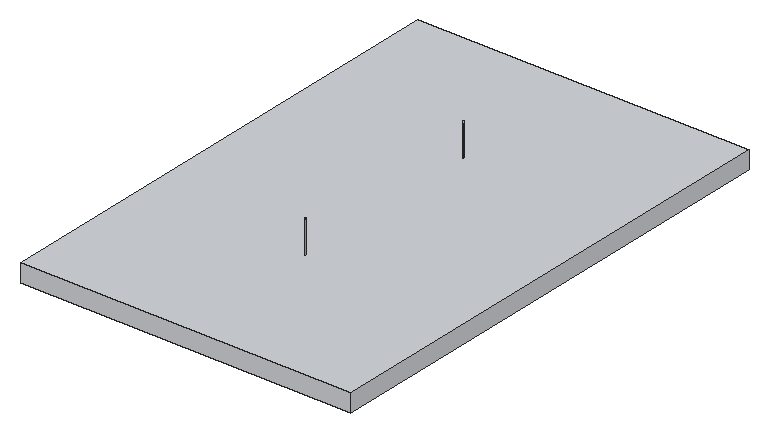
Revit family "V-LENSESxx150xxWSxx", category Leuchten, Revit 2020
Family settings
  Basisbauteil = Fläche
  Bemaßung runder Anschluss = Durchmesser verwenden
  Teiletyp = Normal
  OmniClass-Nummer = 23.80.70.11
  OmniClass-Titel = Luminaries for Internal Lighting
  Beim Laden mit Abzugskörper schneiden = Nein
  Lichtquelle = Ja
  Gemeinsam genutzt = Nein
  Raumberechnungspunkt = Nein
Parameters (values of type "V-LENSES-D150-5RFWS840B0550")
  width = 113 mm  # constant formula
  weight = "3,3"
  voltage type (AC, DC, UC) = "AC"
  suspension hight [instance] = 200 mm
  rated input power = 32
  product name = "V-LENSES-D150-5RFSW840B0550\r\nV-LENSES-D150-5RFWS840B0550"
  nominal voltage = "230"
  nominal frequency = "50-60Hz"
  length = 1500 mm  # constant formula
  ingress protection (IP) code = "IP20"
  height = 83 mm  # constant formula
  electrical safety class = "1"
  control gear = ""
  conformity mark = "CE"  # constant formula
  brand = "RIDI"
  approval mark = ""
  built-in parameter 1150104 = 13.8 (stored number, unit not read)
  Wattage = 36.3534 W
  Von Breite des Rechtecks ausssenden = 1272 mm  # constant formula
  Von Länge des Rechtecks aussenden = 111 mm  # constant formula
  Default Elevation = 0 mm
  built-in parameter 1150113 = 1 (stored number, unit not read)
  built-in parameter 1114218 = 1 (stored number, unit not read)
  URL = "www.ridi.de"
  built-in parameter 1150134 = 12
  built-in parameter 1150109 = 1 (stored number, unit not read)
  built-in parameter 1150110 = 1 (stored number, unit not read)
  Apparent Load = 32 VA
  Tilt Angle = 90.00°
  Modell = "1522576"
  built-in parameter 1114217 = 1 (stored number, unit not read)
  built-in parameter 1150139 = (empty or 0)
  built-in parameter 1150105 = 429.72 (stored number, unit not read)
  built-in parameter 1150114 = 1 (stored number, unit not read)
  Lumens = 5400 lm
  built-in parameter 1150115 = 1 (stored number, unit not read)
  built-in parameter 1150112 = 1 (stored number, unit not read)
  Lampe = "LED"
  Hersteller = "RIDI Leuchten GmbH"  # constant formula
  Dimming Lamp Color Temperature Shift = (empty or 0)
  Color Filter = 16777215
  built-in parameter 1150133 = 10 (stored number, unit not read)
  Emit Shape Visible in Rendering = no
  built-in parameter 1150137 = (empty or 0)
  built-in parameter 1150132 = 2
  Datei für fotometrisches Netz = "V-LENSES-D.IES"
  Copyright = "© RIDI. All rights reserved."  # constant formula
  built-in parameter 1150106 = 4.2972 (stored number, unit not read)
  Baugruppenkennzeichen = "D5020200"
  built-in parameter 1150107 = 4000 (stored number, unit not read)
  built-in parameter 1150102 = (empty or 0)
  built-in parameter 1150138 = (empty or 0)
Types (5, lengths in mm): name | weight | rated input power | product name | Wattage | Apparent Load | Modell | built-in parameter 1150105 | Lumens | Datei für fotometrisches Netz | built-in parameter 1150106
  (no name) | "3,3" | 32 | "V-LENSES-D150-5RFSW840B0550\r\nV-LENSES-D150-5RFWS840B0550" | 36.3534 W | 32 VA | "1522576" | 429.72 (stored number, unit not read) | 5400 lm | "V-LENSES-D.IES" | 4.2972 (stored number, unit not read)
  V-LENSES-D150-5RFWS840B0550 | "3,3" | 32 | "V-LENSES-D150-5RFSW840B0550\r\nV-LENSES-D150-5RFWS840B0550" | 36.3534 W | 32 VA | "1522576" | 429.72 (stored number, unit not read) | 5400 lm | "V-LENSES-D.IES" | 4.2972 (stored number, unit not read)
  V-LENSES-D150-7DAWS840B0500 | "3,3" | 33 | "V-LENSES-D150-7DAWS840B0500\r\nV-LENSES-D150-7DAWS840B0500\r\nV-LENSES-D150-7DAWS840B0500" | 36.3534 W | 33 VA | "1532575" | 429.72 (stored number, unit not read) | 5400 lm | "V-LENSES-D.IES" | 4.2972 (stored number, unit not read)
  V-LENSES-DI150-5RFWS840B0700 | "3,6" | 47 | "V-LENSES-DI150-5RFWS840B0700\r\nV-LENSES-D150-7DAWS840B0500\r\nV-LENSES-D150-7DAWS840B0500" | 48.4712 W | 47 VA | "1522578" | 572.96 (stored number, unit not read) | 7200 lm | "V-LENSES-DI.IES" | 5.7296 (stored number, unit not read)
  V-LENSES-DI150-7DAWS840B0700 | "3,6" | 47 | "V-LENSES-DI150-7DAWS840B0700\r\nV-LENSES-D150-7DAWS840B0500\r\nV-LENSES-DI150-7DAWS840B0700" | 48.4712 W | 47 VA | "1532577" | 572.96 (stored number, unit not read) | 7200 lm | "V-LENSES-DI.IES" | 5.7296 (stored number, unit not read)
Reference planes
  plane 1 "Mitte (Vorne/hinten)": y = 0
  plane 2: z = 0
  plane 3 "Mitte (Links/rechts)": x = 0
  plane 4: z = 200
Forms (mm)
  Extrusion 1, solid
    sketch origin (219.2, 280.8, 0) x (1, 0, 0) y (0, 1, 0)
      loop
        line (-1219.2, 1219.2) -> (-1219.2, -1780.8) -> (780.8, -1780.8) -> (780.8, 1219.2) -> (-1219.2, 1219.2)
    from 0 to -107.307
  Extrusion 2, solid
    sketch origin (0, 0, 0) x (1, 0, 0) y (0, 1, 0)
      loop
        circle (0, -600) r 2
      loop
        circle (0, 600) r 2
    from 0 to 200.369
Dimensions and locks
  "suspension hight": plane 4 to Extrusion 1
  plane 1 "Mitte (Vorne/hinten)" to Extrusion 2 sketch curve = 600 mm
  Extrusion 2 sketch curve to plane 1 "Mitte (Vorne/hinten)" = 600 mm
  locked: plane 1 "Mitte (Vorne/hinten)" to Extrusion 2 at 600
  locked: Extrusion 2 to plane 1 "Mitte (Vorne/hinten)" at 600
  locked: imposter light to plane 4 at 82.1
  aligned and locked: plane 2 to Extrusion 1
  aligned and locked: imposter light to plane 3 "Mitte (Links/rechts)"
  aligned and locked: import instance to Extrusion 2
  aligned and locked: import instance to plane 4
Automatic sketch dimensions
  Extrusion 1 sketch curve to Extrusion 1 sketch curve = 2000 mm
  Extrusion 1 sketch curve to Extrusion 1 sketch curve = 3000 mm
  Extrusion 2 sketch curve to plane 3 "Mitte (Links/rechts)" = 0 mm  (x2)
  radius of Extrusion 2 sketch curve = 2 mm  (x2)
Connectors
  electrical at (0, -600, 200.369), driven by "Apparent Load"
    settings: on Extrusion 2, index 1, voltage 230 V, apparent load 0 VA, apparent load phase1 32 VA, apparent load phase2 0 VA, apparent load phase3 0 VA, power factor 1, load classification "Lighting", number of poles 1, system type 31, power factor state 1, is connector primary yes, connector utility no, sub classification motor no, connector description ""
